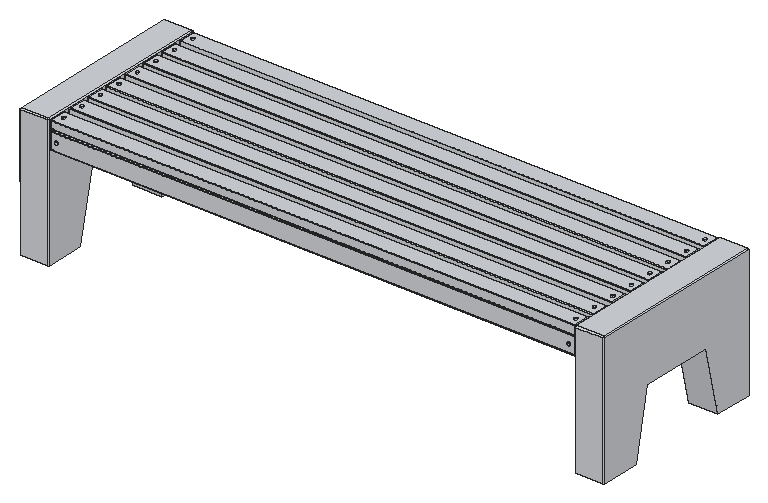
Revit family "Скамья гранитная ГС-011", category Мебель, Revit 2017
Family settings
  Номер OmniClass = 23.40.20.00
  Заголовок OmniClass = General Furniture and Specialties
  На основе рабочей плоскости = Нет
  Всегда вертикально = Да
  При загрузке вырезать с полостями = Нет
  Общий = Нет
  Точка расчета площади = Нет
Parameters (values of type "Скамья гранитная ГС-011")
  а = ADSK_Размер_Длина - 200 mm  # 1800 mm
  Стоимость = 53800
  Изготовитель = "ООО \"Хоббика\""
  URL = "https://hobbyka.ru/product/skamia_granitnaia_gs-011/?sphrase_id=61430"
  ADSK_Размер_Ширина = 645 mm
  ADSK_Размер_Толщина опры = 100 mm
  ADSK_Размер_Длина = 2000 mm
  ADSK_Размер_Высота = 450 mm
  ADSK_Наименование = "Скамья гранитная ГС-011"
  ADSK_Материал фурнитуры = none
  ADSK_Материал опоры = none
  ADSK_Материал доски = none
  ADSK_Код изделия = "6907"
Reference planes
  plane 1 "По центру (Вперед/Назад)": y = 0
  plane 2: z = 0
  plane 3 "По центру (Влево/Вправо)": x = 0
  plane 4: x = -1000
  plane 5: x = 1000
  plane 6: x = -900.16
  plane 7: x = 899.84
Forms (mm)
  Extrusion 1, solid, not visible
    sketch origin (0, 0, 0) x (1, 0, 0) y (0, 1, 0)
      loop
        line (-900.13, -586) -> (900.13, -586) -> (900.13, -34) -> (-900.13, -34) -> (-900.13, -586)
    from 0 to 418
Dimensions and locks
  plane 4 to plane 5 = 2000 mm
  plane 4 to plane 6 = 99.84 mm
  plane 7 to plane 5 = 100.16 mm
  "а": plane 6 to plane 7
  equal spacing: plane 4, plane 3 "По центру (Влево/Вправо)", plane 5
  "ADSK_Размер_Длина": plane 4 to plane 5
  plane 4 to plane 3 "По центру (Влево/Вправо)" = 1000 mm
  plane 3 "По центру (Влево/Вправо)" to plane 5 = 1000 mm
  aligned and locked: level to plane 2
  aligned and locked: plane 5 to nested 2
  aligned and locked: plane 4 to nested 1
  aligned and locked: plane 6 to nested 3
  aligned and locked: plane 6 to nested 4
  aligned and locked: plane 6 to nested 6
  aligned and locked: plane 6 to nested 7
  aligned and locked: plane 6 to nested 8
  aligned and locked: plane 6 to nested 9
  aligned and locked: plane 6 to nested 10
  aligned and locked: plane 6 to nested 11
  aligned and locked: plane 6 to nested 12
Automatic sketch dimensions
  plane 4 to Extrusion 1 sketch curve = 99.87 mm
  Extrusion 1 sketch curve to plane 5 = 99.87 mm
  Extrusion 1 sketch curve to Extrusion 1 sketch curve = 552 mm
  plane 1 "По центру (Вперед/Назад)" to Extrusion 1 sketch curve = 34 mm
Nested families
  nested 1: "Опора" at (-100, 0, 0), Материал <- "ADSK_Материал опоры", type "Опора"
    with Материал none
  nested 2: "Опора" at (100, 0, 0) x (-1, 0, 0) z (0, 0, 1), Материал <- "ADSK_Материал опоры", type "Опора"
    with Материал none
  nested 3: "Доска" at (-900.16, -586, 413.905) x (1, 0, 0) z (0, -1, 0), Длина доски <- "а", Материал доски <- "ADSK_Материал доски", Материал фурнитуры <- "ADSK_Материал фурнитуры", type "Доска"
    with Материал фурнитуры none, Материал доски none, Длина доски 1800 mm
  nested 4: "Доска" at (-900.16, -556, 418), Длина доски <- "а", Материал доски <- "ADSK_Материал доски", Материал фурнитуры <- "ADSK_Материал фурнитуры", type "Доска"
    with Материал фурнитуры none, Материал доски none, Длина доски 1800 mm
  nested 5: "Доска" at (-900.16, -477.143, 418), Длина доски <- "а", Материал доски <- "ADSK_Материал доски", Материал фурнитуры <- "ADSK_Материал фурнитуры", type "Доска"
    with Материал фурнитуры none, Материал доски none, Длина доски 1800 mm
  nested 6: "Доска" at (-900.16, -398.286, 418), Длина доски <- "а", Материал доски <- "ADSK_Материал доски", Материал фурнитуры <- "ADSK_Материал фурнитуры", type "Доска"
    with Материал фурнитуры none, Материал доски none, Длина доски 1800 mm
  nested 7: "Доска" at (-900.16, -319.429, 418), Длина доски <- "а", Материал доски <- "ADSK_Материал доски", Материал фурнитуры <- "ADSK_Материал фурнитуры", type "Доска"
    with Материал фурнитуры none, Материал доски none, Длина доски 1800 mm
  nested 8: "Доска" at (-900.16, -240.571, 418), Длина доски <- "а", Материал доски <- "ADSK_Материал доски", Материал фурнитуры <- "ADSK_Материал фурнитуры", type "Доска"
    with Материал фурнитуры none, Материал доски none, Длина доски 1800 mm
  nested 9: "Доска" at (-900.16, -161.714, 418), Длина доски <- "а", Материал доски <- "ADSK_Материал доски", Материал фурнитуры <- "ADSK_Материал фурнитуры", type "Доска"
    with Материал фурнитуры none, Материал доски none, Длина доски 1800 mm
  nested 10: "Доска" at (-900.16, -82.857, 418), Длина доски <- "а", Материал доски <- "ADSK_Материал доски", Материал фурнитуры <- "ADSK_Материал фурнитуры", type "Доска"
    with Материал фурнитуры none, Материал доски none, Длина доски 1800 mm
  nested 11: "Доска" at (-900.16, -4, 418), Длина доски <- "а", Материал доски <- "ADSK_Материал доски", Материал фурнитуры <- "ADSK_Материал фурнитуры", type "Доска"
    with Материал фурнитуры none, Материал доски none, Длина доски 1800 mm
  nested 12: "Доска" at (-900.16, -34, 353.905) x (1, 0, 0) z (0, 1, 0), Длина доски <- "а", Материал доски <- "ADSK_Материал доски", Материал фурнитуры <- "ADSK_Материал фурнитуры", type "Доска"
    with Материал фурнитуры none, Материал доски none, Длина доски 1800 mm
Definition of nested family "Опора"
  Parameters (values of type "Опора")
    Материал [instance] = none
  Reference planes
    plane 1 "По центру (Вперед/Назад)": y = 0
    plane 2: z = 0
    plane 3 "По центру (Влево/Вправо)": x = 0
    plane 4 "Слева": x = -900
    plane 5: x = 900
    plane 6: x = -800.13
    plane 7: x = 800
    plane 8: x = -896
    plane 9: x = -804.13
    plane 10 "Низ": z = 446
    plane 11 "Верх": z = 450
  Forms (mm)
    Blend 1, solid, material <- "Материал"
      base sketch origin (0, 0, 0) x (1, 0, 0) y (0, 1, 0)
        loop
          line (-804.13, 0) -> (-896, 0) -> (-900, -4) -> (-900, -616) -> (-896, -620) -> (-804.13, -620) -> (-800.13, -616) -> (-800.13, -4) -> (-804.13, 0)
      top sketch origin (0, 0, 0) x (1, 0, 0) y (0, 1, 0)
        loop
          line (-805.787, -4) -> (-894.343, -4) -> (-896, -5.657) -> (-896, -614.343) -> (-894.343, -616) -> (-805.787, -616) -> (-804.13, -614.343) -> (-804.13, -5.657) -> (-805.787, -4)
      from 446 to 450
    Extrusion 2, solid, material <- "Материал"
      sketch origin (0, 0, 0) x (1, 0, 0) y (0, 1, 0)
        loop
          line (-900, -4) -> (-900, -616) -> (-896, -620) -> (-804.13, -620) -> (-800.13, -616) -> (-800.13, -4) -> (-804.13, 0) -> (-896, 0) -> (-900, -4)
      from 0 to 446
    Extrusion 3, void
      sketch origin (-900, 0, 0) x (0, 1, 0) y (0, 0, 1)
        loop
          line (-184, 223) -> (-436, 223) -> (-486, 0) -> (-134, 0) -> (-184, 223)
      from 0 to 99.87
  Cuts and joins
    Extrusion 3 cuts Extrusion 2
    joined: Blend 1, Extrusion 2
  Dimensions and locks
    plane 4 "Слева" to plane 5 = 1800 mm
    locked: plane 4 "Слева" to plane 6 at 99.87
    locked: plane 7 to plane 5 at 100
    plane 4 "Слева" to plane 3 "По центру (Влево/Вправо)" = 900 mm
    equal spacing: plane 4 "Слева", plane 3 "По центру (Влево/Вправо)", plane 5
    locked: plane 8 to plane 4 "Слева" at 4
    locked: plane 6 to plane 9 at 4
    level to plane 10 "Низ" to plane 11 "Верх" = 446 mm locked, 4 mm locked
    aligned and locked: level to plane 2
    aligned and locked: plane 10 "Низ" to Blend 1
    aligned and locked: Blend 1 to plane 11 "Верх"
    aligned and locked: plane 6 to Extrusion 3
  Automatic sketch dimensions
    Blend 1 sketch curve to plane 4 "Слева" = 0 mm
    Blend 1 sketch curve to plane 8 = 0 mm  (x3)
    plane 1 "По центру (Вперед/Назад)" to Blend 1 sketch curve = 0 mm
    Blend 1 sketch curve to plane 9 = 0 mm  (x3)
    Blend 1 sketch curve to plane 6 = 0 mm
    plane 1 "По центру (Вперед/Назад)" to Blend 1 sketch curve = 4 mm  (x2)
    Blend 1 sketch curve to Blend 1 sketch curve = 612 mm
    Blend 1 sketch curve to Blend 1 sketch curve = 0 mm
    Blend 1 sketch curve to Blend 1 sketch curve = 4 mm
    plane 8 to Blend 1 sketch curve = 1.657 mm  (x2)
    Blend 1 sketch curve to plane 9 = 1.657 mm  (x2)
    plane 1 "По центру (Вперед/Назад)" to Blend 1 sketch curve = 616 mm
    Blend 1 sketch curve to Blend 1 sketch curve = 1.657 mm  (x3)
    plane 1 "По центру (Вперед/Назад)" to Blend 1 sketch curve = 5.657 mm  (x2)
    Extrusion 2 sketch curve to plane 1 "По центру (Вперед/Назад)" = 0 mm
    Extrusion 2 sketch curve to plane 4 "Слева" = 0 mm
    Extrusion 2 sketch curve to plane 8 = 0 mm  (x2)
    plane 1 "По центру (Вперед/Назад)" to Extrusion 2 sketch curve = 4 mm  (x2)
    Extrusion 2 sketch curve to Extrusion 2 sketch curve = 612 mm
    Extrusion 2 sketch curve to plane 9 = 0 mm  (x2)
    Extrusion 2 sketch curve to plane 6 = 0 mm
    Extrusion 2 sketch curve to Extrusion 2 sketch curve = 0 mm
    Extrusion 2 sketch curve to Extrusion 2 sketch curve = 4 mm
    Extrusion 3 sketch curve to level = 0 mm
    plane 1 "По центру (Вперед/Назад)" to Extrusion 3 sketch curve = 436 mm
    plane 1 "По центру (Вперед/Назад)" to Extrusion 3 sketch curve = 184 mm
    level to Extrusion 3 sketch curve = 223 mm
    Extrusion 3 sketch curve to Extrusion 3 sketch curve = 50 mm
    plane 1 "По центру (Вперед/Назад)" to Extrusion 3 sketch curve = 134 mm
Definition of nested family "Доска"
  Parameters (values of type "Доска")
    Default Elevation = 1219.2 mm
    Материал фурнитуры [instance] = none
    Материал доски [instance] = none
    Длина доски [instance] = 1000 mm
  Reference planes
    plane 1 "По центру (Вперед/Назад)": y = 0
    plane 2: z = 0
    plane 3 "По центру (Влево/Вправо)": x = 0
    plane 4 "1": x = 4
    plane 5: x = 996
    plane 6: x = 1000
    plane 7: x = 24
    plane 8: x = 976
    plane 9: y = -30
  Forms (mm)
    Extrusion 1, solid
      sketch origin (0, 0, 0) x (1, 0, 0) y (0, 1, 0)
        loop
          line (-1219.2, 1219.2) -> (-1219.2, -1219.2) -> (1219.2, -1219.2) -> (1219.2, 1219.2) -> (-1219.2, 1219.2)
      from 0 to -304.8
    Extrusion 2, solid, material <- "Материал доски"
      sketch origin (0, 0, 0) x (0, 1, 0) y (0, 0, 1)
        loop
          line (0, 28) -> (-2, 30) -> (-58, 30) -> (-60, 28) -> (-60, 2) -> (-58, 0) -> (-2, 0) -> (0, 2) -> (0, 28)
      from 4 to 996
    Blend 3, solid, material <- "Материал доски"
      base sketch origin (0, 0, 0) x (0, 1, 0) y (0, 0, 1)
        loop
          line (0, 28) -> (-2, 30) -> (-58, 30) -> (-60, 28) -> (-60, 2) -> (-58, 0) -> (-2, 0) -> (0, 2) -> (0, 28)
      top sketch origin (0, 0, 0) x (0, 1, 0) y (0, 0, 1)
        loop
          line (-2.828, 28) -> (-57.172, 28) -> (-58, 27.172) -> (-58, 2.828) -> (-57.172, 2) -> (-2.828, 2) -> (-2, 2.828) -> (-2, 27.172) -> (-2.828, 28)
      from 4 to 0
    Blend 4, solid, material <- "Материал доски"
      base sketch origin (522.709, 0, 0) x (0, 1, 0) y (0, 0, -1)
        loop
          line (0, -28) -> (0, -2) -> (-2, 0) -> (-58, 0) -> (-60, -2) -> (-60, -28) -> (-58, -30) -> (-2, -30) -> (0, -28)
      top sketch origin (522.709, 0, 0) x (0, 1, 0) y (0, 0, -1)
        loop
          line (-2.828, -28) -> (-2, -27.172) -> (-2, -2.828) -> (-2.828, -2) -> (-57.172, -2) -> (-58, -2.828) -> (-58, -27.172) -> (-57.172, -28) -> (-2.828, -28)
      from -473.291 to -477.291
    Extrusion 5, solid, material <- "Материал фурнитуры"
      sketch origin (0, 0, 0) x (1, 0, 0) y (0, 1, 0)
        loop
          circle (24, -30) r 5
        loop
          circle (976, -30) r 5
      from 30 to 31
  Dimensions and locks
    plane 3 "По центру (Влево/Вправо)" to plane 4 "1" = 4 mm
    locked: plane 5 to plane 6 at 4
    "Длина доски": plane 3 "По центру (Влево/Вправо)" to plane 6
    plane 8 to plane 5 = 20 mm
    locked: plane 4 "1" to plane 7 at 20
    aligned and locked: plane 2 to Extrusion 1
    aligned and locked: level to Extrusion 1
    aligned and locked: Extrusion 2 to plane 4 "1"
    aligned and locked: Blend 3 to plane 4 "1"
    aligned and locked: Blend 3 to plane 3 "По центру (Влево/Вправо)"
    aligned and locked: plane 5 to Extrusion 2
    aligned and locked: plane 6 to Blend 4
    aligned and locked: Blend 4 to plane 5
    aligned and locked: Extrusion 5 to Extrusion 2
  Automatic sketch dimensions
    Extrusion 1 sketch curve to Extrusion 1 sketch curve = 2438.4 mm  (x2)
    Extrusion 2 sketch curve to level = 0 mm
    Extrusion 2 sketch curve to plane 1 "По центру (Вперед/Назад)" = 0 mm
    plane 1 "По центру (Вперед/Назад)" to Extrusion 2 sketch curve = 2 mm  (x2)
    Extrusion 2 sketch curve to Extrusion 2 sketch curve = 56 mm
    Extrusion 2 sketch curve to Extrusion 2 sketch curve = 0 mm
    level to Extrusion 2 sketch curve = 28 mm
    Extrusion 2 sketch curve to Extrusion 2 sketch curve = 2 mm  (x2)
    level to Extrusion 2 sketch curve = 2 mm  (x2)
    Extrusion 2 sketch curve to Extrusion 2 sketch curve = 26 mm
    Blend 3 sketch curve to level = 0 mm
    Blend 3 sketch curve to plane 1 "По центру (Вперед/Назад)" = 0 mm
    plane 1 "По центру (Вперед/Назад)" to Blend 3 sketch curve = 2 mm  (x2)
    Blend 3 sketch curve to Blend 3 sketch curve = 56 mm
    Blend 3 sketch curve to Blend 3 sketch curve = 0 mm
    Blend 3 sketch curve to Blend 3 sketch curve = 2 mm  (x2)
    level to Blend 3 sketch curve = 2 mm  (x3)
    Blend 3 sketch curve to Blend 3 sketch curve = 26 mm  (x2)
    level to Blend 3 sketch curve = 2.828 mm
    plane 1 "По центру (Вперед/Назад)" to Blend 3 sketch curve = 58 mm
    level to Blend 3 sketch curve = 28 mm
    Blend 3 sketch curve to Blend 3 sketch curve = 0.828 mm  (x6)
    plane 1 "По центру (Вперед/Назад)" to Blend 3 sketch curve = 2.828 mm  (x2)
    Blend 4 sketch curve to level = 0 mm
    Blend 4 sketch curve to plane 1 "По центру (Вперед/Назад)" = 0 mm
    plane 1 "По центру (Вперед/Назад)" to Blend 4 sketch curve = 2 mm  (x2)
    Blend 4 sketch curve to Blend 4 sketch curve = 56 mm
    Blend 4 sketch curve to Blend 4 sketch curve = 0 mm
    Blend 4 sketch curve to Blend 4 sketch curve = 2 mm  (x2)
    level to Blend 4 sketch curve = 2 mm  (x3)
    Blend 4 sketch curve to Blend 4 sketch curve = 26 mm  (x2)
    level to Blend 4 sketch curve = 2.828 mm
    plane 1 "По центру (Вперед/Назад)" to Blend 4 sketch curve = 58 mm
    level to Blend 4 sketch curve = 28 mm
    Blend 4 sketch curve to Blend 4 sketch curve = 0.828 mm  (x6)
    plane 1 "По центру (Вперед/Назад)" to Blend 4 sketch curve = 2.828 mm  (x2)
    Extrusion 5 sketch curve to plane 7 = 0 mm
    Extrusion 5 sketch curve to plane 8 = 0 mm
    Extrusion 5 sketch curve to plane 9 = 0 mm  (x2)
    radius of Extrusion 5 sketch curve = 5 mm  (x2)
